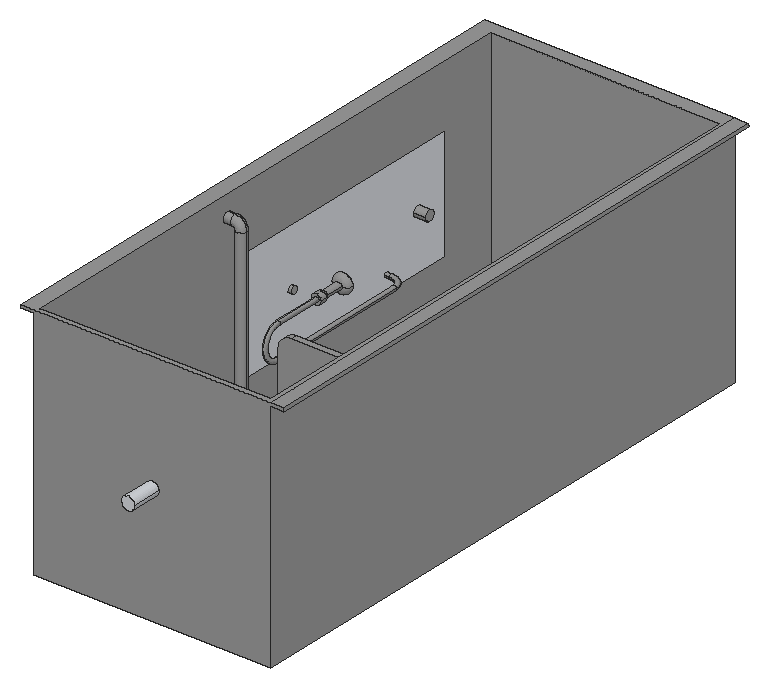
Revit family "Shower_Cabinet-Willoughby-US-3636-HC-FA-L", category Plumbing Fixtures, Revit 2015
Parameters (values of type "Standard")
  Waste Radius = Waste DIA / 2  # 1"
  Waste DIA = 2"
  Waste Connection = yes
  Vent Connection = no
  URL = "https://www.willoughby-ind.com/wp-content/uploads/2018/07/US-3636-HC-FA.pdf"
  Stainless Steel = Stainless Steel AISI 304-Willoughby
  Seat Height = 1' - 6"
  Revision = "A"
  Model = "US-3636-HC-FA-L"
  Manufacturer = "Willoughby Industries"
  HW Connection = no
  HCW Inlet RAD = HCW Inlet DIA / 2  # 1/4"
  HCW Inlet DIA = 1/2"
  HCW Connection = yes
  Grab Bar Height = 3' - 0"
  FRAME DIM = 3' - 0"
  Description = "US 36\" X 36\" Handicap Cabinet Shower Front Access, Left hand"
  Default Elevation = 0' - 0"
  Contact info = "(800) 428-4065"
  CW Connection = no
Reference planes (in)
  plane 1 "Center (Front/Back)": y = 0
  plane 2: z = 0
  plane 3 "Center (Left/Right)": x = 0
  plane 4: y = 88
  plane 5: x = -18
  plane 6: x = 18
  plane 7: z = 36
  plane 8: z = 18
  plane 9 "Seat Height": y = 18
  plane 10 "Grab Bar Height": y = 36
  plane 11: y = 48
  plane 12: y = 72
  plane 13 "Hand Held Shower Hose Connect": z = 12
  plane 14 "Hnd Hld Shwr Hse Conct": y = 66
  plane 15: x = -14.5
  plane 16: z = 17
Forms (in)
  Extrusion 1, solid, material "Stainless Steel AISI 304-Willoughby" <- "Stainless Steel"
    sketch origin (0, 0, 0) x (1, 0, 0) y (0, 0, 1)
      loop
        line (-18, 0) -> (18, 0) -> (18, 35.5) -> (20, 35.5) -> (20, 36) -> (18, 36) -> (-20, 36) -> (-20, 35.5) -> (-18, 35.5) -> (-18, 0)
    from 0 to -88
  Extrusion 2, void, detail levels fine
    sketch origin (0, 0, 0) x (1, 0, 0) y (0, 0, 1)
      loop
        line (17.5, 0.5) -> (17.5, 36) -> (-17.5, 36) -> (-17.5, 0.5) -> (17.5, 0.5)
    from -0.63588 to -86
  Extrusion 3, void, detail levels fine
    sketch origin (0.89838, -8.36412, 3.72188) x (1, 0, 0) y (0, 0, 1)
      loop
        circle (-0.89838, 14.27812) r 2
    from -8.8875 to -9
  Extrusion 4, solid, material "Stainless Steel AISI 304-Willoughby" <- "Stainless Steel"
    sketch origin (0, 0, 0) x (1, 0, 0) y (0, 0, 1)
      loop
        arc (5.5, 16.5) -> (4.91421, 15.08579) -> (3.5, 14.5) r 2
        line (3.5, 14.5) -> (0.5, 14.5)
        arc (0.5, 14.5) -> (-0.91421, 13.91421) -> (-1.5, 12.5) r 2
        line (-1.5, 12.5) -> (-1.5, 0.5) -> (17.5, 0.5) -> (17.5, 33.5) -> (7.5, 33.5)
        arc (7.5, 33.5) -> (6.08579, 32.91421) -> (5.5, 31.5) r 2
        line (5.5, 31.5) -> (5.5, 16.5)
    from -18 to -17
  Extrusion 5, solid
    sketch origin (0, 0, 0) x (1, 0, 0) y (0, 0, 1)
      loop
        circle (0, 18) r 1
    from 0 to 4.5
  Sweep 6, solid, material "Stainless Steel AISI 304-Willoughby" <- "Stainless Steel", detail levels medium+fine
    path origin (0, 42.09078, 0) x (1, 0, 0) y (0, 0, 1)
      loop
        line (0, 0.5) -> (0, 1.75)
        arc (0, 1.75) -> (-0.29289, 2.45711) -> (-1, 2.75) r 1
        line (-1, 2.75) -> (-13.25, 2.75)
        arc (-13.25, 2.75) -> (-14.66421, 3.33579) -> (-15.25, 4.75) r 2
        line (-15.25, 4.75) -> (-15.25, 32)
        arc (-15.25, 32) -> (-15.54289, 32.70711) -> (-16.25, 33) r 1
        line (-16.25, 33) -> (-17.5, 33)
    profile origin (0, 42.09078, 1.125) x (-1, 0, 0) y (0, -1, 0)
      loop
        circle (0, 6.09078) r 0.75
  Extrusion 7, solid, material "Stainless Steel AISI 304-Willoughby" <- "Stainless Steel", detail levels medium+fine
    sketch origin (-4, 0, 27.77891) x (0, 0, 1) y (0, 1, 0)
      loop
        circle (-9.77891, 48) r 0.5
    from 12.8213 to 14
  Extrusion 8, solid, material "Stainless Steel AISI 304-Willoughby" <- "Stainless Steel", detail levels medium+fine
    sketch origin (0, 0, 0) x (0, 1, 0) y (0, 0, 1)
      loop
        circle (72, 18) r 0.75
    from -17.5 to -15.52072
  Sweep 9, solid, material "Stainless Steel AISI 304-Willoughby" <- "Stainless Steel", detail levels fine
    path origin (65.34541, 0, 12) x (1, 0, 0) y (0, 1, 0)
      loop
        line (-82.84541, 66) -> (-81.84541, 66)
        arc (-81.84541, 66) -> (-80.4312, 65.41421) -> (-79.84541, 64) r 2
        line (-79.84541, 64) -> (-79.84541, 42)
    profile origin (-17, 66, 12) x (0, 1, 0) y (0, 0, 1)
      loop
        circle (0, 0) r 0.3125
  Sweep 10, solid, material "Stainless Steel AISI 304-Willoughby" <- "Stainless Steel", detail levels fine
    path origin (-14.5, 0, 102.71882) x (0, 0, 1) y (0, 1, 0)
      loop
        arc (-90.71882, 42) -> (-88.21882, 39.5) -> (-85.71882, 42) r 2.5
        line (-85.71882, 42) -> (-85.71882, 49.25)
    profile origin (-14.5, 39.5, 14.5) x (0, 1, 0) y (-1, 0, 0)
      loop
        circle (0, 0) r 0.3125
  Revolve 11, solid, material "Stainless Steel AISI 304-Willoughby" <- "Stainless Steel", detail levels fine
    sketch origin (0, 0, 17) x (1, 0, 0) y (0, 1, 0)
      loop
        line (-14.5, 49.25) -> (-13.75, 49.25) -> (-13.75, 50.25) -> (-14, 50.68301) -> (-14, 53.43301)
        arc (-14, 53.43301) -> (-13.3576, 53.6991) -> (-13.09151, 54.34151) r 0.90849
        line (-13.09151, 54.34151) -> (-14, 55.25) -> (-14.5, 55.25) -> (-14.5, 49.25)
      axis (-14.5, 49.25) -> (-14.5, 55.25)
    angle from 0 to 360
  Extrusion 12, solid
    sketch origin (0, 0, 0) x (1, 0, 0) y (0, 0, 1)
      loop
        line (-17.5, 26.5) -> (-17.5, 9.5) -> (-17.4375, 9.5) -> (-17.4375, 26.5) -> (-17.5, 26.5)
    from -40 to -77
Cuts and joins
  Extrusion 2, Extrusion 3 cuts Extrusion 1
  joined: Sweep 9, Sweep 10, Revolve 11
Lines and regions (in)
  symbolic lines
    curve 1: line (20, 0, 0) -> (20, 88, 0)
    curve 2: line (20, 88, 0) -> (-20, 88, 0)
    curve 3: line (-20, 88, 0) -> (-20, 0, 0)
    curve 4: line (-20, 0, 0) -> (20, 0, 0)
    curve 39: line (-14, 50.68301, 0) -> (-13.75, 50.25, 0)
    curve 48: line (20, 0, 36) -> (-20, 0, 36)
    curve 49: line (-20, 0, 36) -> (-20, 0, 35.5)
    curve 50: line (-20, 0, 35.5) -> (-18, 0, 35.5)
    curve 51: line (-18, 0, 35.5) -> (-18, 0, 0)
    curve 52: line (-18, 0, 0) -> (18, 0, 0)
    curve 53: line (18, 0, 0) -> (18, 0, 35.5)
    curve 54: line (18, 0, 35.5) -> (20, 0, 35.5)
    curve 55: line (20, 0, 35.5) -> (20, 0, 36)
    curve 56: line (0, 88, 0) -> (0, 88, 36)
    curve 57: line (0, 88, 36) -> (0, 0, 36)
    curve 58: line (0, 0, 36) -> (0, 0, 0)
    curve 59: line (0, 0, 0) -> (0, 88, 0)
    curve 60: line (0, 0, 19) -> (0, -4.5, 19)
    curve 61: line (0, -4.5, 19) -> (0, -4.5, 17)
    curve 62: line (0, -4.5, 17) -> (0, 0, 17)
  symbolic lines, detail levels medium+fine
    curve 5: line (-17.5, 86, 0) -> (17.5, 86, 0)
    curve 6: line (17.5, 86, 0) -> (17.5, 0.63588, 0)
    curve 7: line (17.5, 0.63588, 0) -> (-17.5, 0.63588, 0)
    curve 8: line (-17.5, 0.63588, 0) -> (-17.5, 86, 0)
    curve 9: line (18, 88, 0) -> (18, 0, 0)
    curve 10: line (-18, 0, 0) -> (-18, 88, 0)
    curve 11: line (-17.5, 72.75, 0) -> (-15.52072, 72.75, 0)
    curve 12: line (-15.52072, 72.75, 0) -> (-15.52072, 71.25, 0)
    curve 13: line (-15.52072, 71.25, 0) -> (-17.5, 71.25, 0)
    curve 19: line (17.5, 18, 0) -> (-1.5, 18, 0)
    curve 20: line (-1.5, 18, 0) -> (-1.5, 17, 0)
    curve 21: line (-1.5, 17, 0) -> (17.5, 17, 0)
    curve 22: line (5.5, 18, 0) -> (5.5, 17, 0)
  symbolic lines, detail levels fine
    curve 14: line (-17.5, 36.75, 0) -> (0, 36.75, 0)
    curve 15: line (-17.5, 35.25, 0) -> (0, 35.25, 0)
    curve 16: arc (0, 36.75, 0) -> (0.75, 36, 0) -> (0, 35.25, 0) r 0.75
    curve 17: arc (-15.25, 36.75, 0) -> (-14.5, 36, 0) -> (-15.25, 35.25, 0) r 0.75
    curve 18: arc (-15.25, 36.75, 0) -> (-16, 36, 0) -> (-15.25, 35.25, 0) r 0.75
    curve 23: line (-17.5, 66.31338, 0) -> (-16.44298, 66.31338, 0)
    curve 24: line (-17.5, 65.68513, 0) -> (-16.44298, 65.68513, 0)
    curve 25: arc (-16.44298, 66.31338, 0) -> (-14.8369, 65.60534, 0) -> (-14.18534, 63.97553, 0) r 2.32174
    curve 26: arc (-16.44298, 65.68513, 0) -> (-15.28963, 65.17758, 0) -> (-14.81284, 64.01117, 0) r 1.68137
    curve 27: line (-14.81284, 64.01117, 0) -> (-14.81284, 55.25, 0)
    curve 28: line (-14.18534, 63.97553, 0) -> (-14.18534, 55.25, 0)
    curve 29: line (-15, 55.25, 0) -> (-14, 55.25, 0)
    curve 30: line (-14, 55.25, 0) -> (-13.09151, 54.34151, 0)
    curve 31: line (-13.09151, 54.34151, 0) -> (-15.90849, 54.34151, 0)
    curve 32: line (-15.90849, 54.34151, 0) -> (-15, 55.25, 0)
    curve 33: line (-15, 53.43301, 0) -> (-14, 53.43301, 0)
    curve 34: line (-14, 53.43301, 0) -> (-14, 50.68301, 0)
    curve 35: line (-14, 50.68301, 0) -> (-15, 50.68301, 0)
    curve 36: line (-15, 50.68301, 0) -> (-15, 53.43301, 0)
    curve 37: arc (-15.90849, 54.34151, 0) -> (-15.6424, 53.6991, 0) -> (-15, 53.43301, 0) r 0.90849
    curve 38: arc (-14, 53.43301, 0) -> (-13.3576, 53.6991, 0) -> (-13.09151, 54.34151, 0) r 0.90849
    curve 40: line (-13.75, 50.25, 0) -> (-13.75, 49.25, 0)
    curve 41: line (-13.75, 49.25, 0) -> (-15.25, 49.25, 0)
    curve 42: line (-15.25, 49.25, 0) -> (-15.25, 50.25, 0)
    curve 43: line (-15.25, 50.25, 0) -> (-13.75, 50.25, 0)
    curve 44: line (-15.25, 50.25, 0) -> (-15, 50.68301, 0)
    curve 45: line (-14.18878, 49.25, 0) -> (-14.18878, 39.5, 0)
    curve 46: line (-14.81975, 39.5, 0) -> (-14.81975, 49.25, 0)
    curve 47: arc (-14.18878, 39.5, 0) -> (-14.50426, 39.18452, 0) -> (-14.81975, 39.5, 0) r 0.31548
Dimensions and locks (in)
  locked: plane 3 "Center (Left/Right)" to plane 5 at 18
  locked: plane 6 to plane 3 "Center (Left/Right)" at 18
  plane 4 to cut or joined group of Extrusion 1, Extrusion 2, Extrusion 3 = 0' - 2"
  cut or joined group of Extrusion 1, Extrusion 2, Extrusion 3 to plane 6 = 0' - 0 1/2"
  locked: level to plane 8 at 18
  "Seat Height": plane 9 "Seat Height" to plane 1 "Center (Front/Back)"
  locked: plane 9 "Seat Height" to Extrusion 4 at 1
  locked: plane 1 "Center (Front/Back)" to Extrusion 5 at 4.5
  "Grab Bar Height": plane 10 "Grab Bar Height" to plane 1 "Center (Front/Back)"
  locked: cut or joined group of Extrusion 1, Extrusion 2, Extrusion 3 to level at 0.5
  locked: plane 1 "Center (Front/Back)" to plane 11 at 48
  locked: plane 11 to plane 1 "Center (Front/Back)" at 48
  locked: plane 12 to plane 1 "Center (Front/Back)" at 72
  plane 5 to plane 6 = 3' - 0"
  plane 7 to level = 3' - 0"
  plane 3 "Center (Left/Right)" to plane 6 = 1' - 6"
  aligned and locked: Extrusion 1 to plane 4
  aligned: plane 5 to Extrusion 1
  aligned and locked: Extrusion 1 to plane 6
  aligned and locked: plane 7 to Extrusion 1
  aligned and locked: plane 8 to Extrusion 3 sketch curve
  aligned and locked: plane 3 "Center (Left/Right)" to Extrusion 3 sketch curve
  aligned and locked: Extrusion 4 to plane 9 "Seat Height"
  aligned and locked: plane 8 to Extrusion 5 sketch curve
  aligned and locked: plane 3 "Center (Left/Right)" to Extrusion 5 sketch curve
  aligned: plane 10 "Grab Bar Height" to Sweep 6
  aligned and locked: plane 10 "Grab Bar Height" to Sweep 6 sketch curve
  aligned and locked: plane 8 to Extrusion 8 sketch curve
  aligned and locked: plane 12 to Extrusion 8 sketch curve
  aligned and locked: cut or joined group of Extrusion 1, Extrusion 2, Extrusion 3 to cut or joined group of Extrusion 1, Extrusion 2, Extrusion 3  (x6)
  aligned and locked: level to cut or joined group of Extrusion 1, Extrusion 2, Extrusion 3
  aligned and locked: cut or joined group of Extrusion 1, Extrusion 2, Extrusion 3 to Extrusion 4
  aligned and locked: Extrusion 4 to cut or joined group of Extrusion 1, Extrusion 2, Extrusion 3
  aligned and locked: Sweep 10 to Revolve 11 sketch curve
  aligned and locked: Revolve 11 sketch curve to Sweep 10
Automatic sketch dimensions
  Extrusion 1 sketch curve to plane 7 = 0' - 0"
  plane 5 to Extrusion 1 sketch curve = 0' - 0"
  plane 6 to Extrusion 1 sketch curve = 0' - 0"  (x2)
  Extrusion 1 sketch curve to level = 0' - 0"
  Extrusion 1 sketch curve to plane 7 = 0' - 0 1/2"  (x2)
  Extrusion 1 sketch curve to Extrusion 1 sketch curve = 0' - 2"
  Extrusion 1 sketch curve to plane 6 = 0' - 2"
  Extrusion 2 sketch curve to plane 7 = 0' - 0"
  Extrusion 2 sketch curve to plane 5 = 0' - 0 1/2"
  plane 6 to Extrusion 2 sketch curve = 0' - 0 1/2"
  level to Extrusion 2 sketch curve = 0' - 0 1/2"
  level to Extrusion 4 sketch curve = 0' - 0 1/2"
  Extrusion 4 sketch curve to plane 3 "Center (Left/Right)" = 0' - 1 1/2"
  plane 3 "Center (Left/Right)" to Extrusion 4 sketch curve = 0' - 0 1/2"
  Extrusion 4 sketch curve to Extrusion 4 sketch curve = 0' - 3"
  Extrusion 4 sketch curve to plane 8 = 0' - 1 1/2"
  Extrusion 4 sketch curve to Extrusion 4 sketch curve = 0' - 2"  (x2)
  plane 6 to Extrusion 4 sketch curve = 0' - 0 1/2"
  Extrusion 4 sketch curve to plane 7 = 0' - 4 1/2"
  Sweep 6 sketch curve to plane 3 "Center (Left/Right)" = 0' - 0"
  Sweep 6 sketch curve to Sweep 6 sketch curve = 0' - 1"  (x2)
  Sweep 6 sketch curve to plane 5 = 0' - 4 3/4"
  Sweep 6 sketch curve to Sweep 6 sketch curve = 0' - 2"
  Sweep 6 sketch curve to plane 5 = 0' - 0 1/2"
  level to Sweep 6 sketch curve = 0' - 0 1/2"
  Sweep 6 sketch curve to Sweep 6 sketch curve = 0' - 1 1/4"
  Sweep 6 sketch curve to plane 7 = 0' - 4"
  Sweep 6 sketch curve to profile plane = 0' - 0"
  Extrusion 7 sketch curve to plane 11 = 0' - 0"
  plane 8 to Extrusion 7 sketch curve = 0' - 0"
  level to Sweep 9 sketch curve = 1' - 0"
  Sweep 9 sketch curve to profile plane = 0' - 0"
  plane 14 "Hnd Hld Shwr Hse Conct" to Sweep 9 sketch curve = 0' - 0"
  Sweep 9 sketch curve to plane 5 = 0' - 0 1/2"
  Sweep 9 sketch curve to plane 5 = 0' - 1 1/2"
  Sweep 9 sketch curve to Sweep 9 sketch curve = 0' - 2"
  plane 10 "Grab Bar Height" to Sweep 9 sketch curve = 0' - 6"
  Sweep 10 sketch curve to plane 13 "Hand Held Shower Hose Connect" = 0' - 0"
  Sweep 10 sketch curve to Sweep 10 sketch curve = 0' - 2 1/2"
  plane 10 "Grab Bar Height" to Sweep 10 sketch curve = 0' - 6"
  Sweep 10 sketch curve to plane 11 = 0' - 1 1/4"
  Sweep 10 sketch curve to plane 15 = 0' - 0"
  profile plane to Sweep 10 sketch curve = 0' - 0"
  Revolve 11 sketch curve to plane 15 = 0' - 0"
  Revolve 11 sketch curve to plane 15 = 0' - 0 1/2"  (x2)
  Revolve 11 sketch curve to Revolve 11 sketch curve = 0' - 0 1/4"
  Revolve 11 sketch curve to Revolve 11 sketch curve = 0' - 0.90849"  (x2)
  Revolve 11 sketch curve to Revolve 11 sketch curve = 0' - 0"  (x2)
  Revolve 11 sketch curve to Revolve 11 sketch curve = 0' - 1"
  Revolve 11 sketch curve to Revolve 11 sketch curve = 0' - 0.43301"
  Revolve 11 sketch curve to Revolve 11 sketch curve = 0' - 2 3/4"
  curve 17 to curve 18 = 0' - 0"
  plane 4 to curve 3 = 0' - 0"
  plane 1 "Center (Front/Back)" to curve 3 = 0' - 0"
  curve 10 to plane 5 = 0' - 0"
  curve 17 to plane 10 "Grab Bar Height" = 0' - 0"
  plane 9 "Seat Height" to curve 19 = 0' - 0"
  curve 16 to plane 3 "Center (Left/Right)" = 0' - 0"
  curve 9 to plane 6 = 0' - 0"
  curve 4 to curve 10 = 0' - 2"
  curve 5 to plane 5 = 0' - 0 1/2"
  curve 25 to plane 5 = 0' - 1.49298"
  curve 25 to curve 26 = 0' - 0.01281"
  plane 14 "Hnd Hld Shwr Hse Conct" to curve 24 = 0' - 0.31487"
  curve 24 to curve 24 = 0' - 1.05702"
  curve 23 to plane 14 "Hnd Hld Shwr Hse Conct" = 0' - 0.31338"
  curve 23 to curve 24 = 0' - 0"
  plane 15 to curve 31 = 0' - 1.40849"
  plane 15 to curve 12 = 0' - 1.02072"
  plane 15 to curve 42 = 0' - 0 3/4"
  plane 15 to curve 17 = 0' - 0 3/4"
  plane 15 to curve 32 = 0' - 0 1/2"
  plane 15 to curve 33 = 0' - 0 1/2"
  plane 15 to curve 27 = 0' - 0.31284"
  plane 15 to curve 47 = 0' - 0.00426"
  curve 28 to plane 15 = 0' - 0.31466"
  curve 28 to curve 29 = 0' - 0.18534"
  curve 34 to plane 15 = 0' - 0 1/2"
  curve 34 to curve 39 = 0' - 0 1/4"
  curve 20 to plane 3 "Center (Left/Right)" = 0' - 1 1/2"
  plane 6 to curve 6 = 0' - 0 1/2"
  curve 2 to plane 6 = 0' - 2"
  curve 8 to plane 1 "Center (Front/Back)" = 0' - 0.63588"
  curve 20 to curve 19 = 0' - 1"
  curve 15 to curve 16 = 0' - 0 3/4"
  curve 18 to curve 47 = 0' - 2 3/4"
  curve 40 to plane 11 = 0' - 1 1/4"
  curve 41 to curve 42 = 0' - 1"
  curve 42 to curve 44 = 0' - 0.43301"
  curve 35 to curve 36 = 0' - 2 3/4"
  curve 38 to curve 29 = 0' - 0.90849"
  plane 14 "Hnd Hld Shwr Hse Conct" to curve 28 = 0' - 2.02447"
  curve 25 to curve 26 = 0' - 0.01201"
  plane 12 to curve 13 = 0' - 0 3/4"
  curve 11 to plane 12 = 0' - 0 3/4"
  plane 4 to curve 5 = 0' - 2"
  curve 45 to plane 15 = 0' - 0.31122"
  plane 3 "Center (Left/Right)" to curve 22 = 0' - 5 1/2"
  curve 52 to level = 0' - 0"
  plane 5 to curve 52 = 0' - 0"
  plane 6 to curve 52 = 0' - 0"
  curve 55 to plane 7 = 0' - 0"
  curve 50 to plane 7 = 0' - 0 1/2"
  curve 50 to curve 50 = 0' - 2"
  curve 54 to plane 7 = 0' - 0 1/2"
  curve 48 to plane 6 = 0' - 2"
  curve 62 to plane 16 = 0' - 0"
  curve 58 to level = 0' - 0"
  curve 62 to plane 1 "Center (Front/Back)" = 0' - 0"
  curve 56 to plane 4 = 0' - 0"
  curve 57 to plane 7 = 0' - 0"
  plane 8 to curve 60 = 0' - 1"
  curve 60 to curve 60 = 0' - 4 1/2"
  plane 8 to Extrusion 12 sketch curve = 0' - 8 1/2"
  Extrusion 12 sketch curve to plane 13 "Hand Held Shower Hose Connect" = 0' - 2 1/2"
  Extrusion 12 sketch curve to plane 5 = 0' - 0 1/2"
  Extrusion 12 sketch curve to Extrusion 12 sketch curve = 0' - 0 1/16"
  radius of Extrusion 3 sketch curve = 0' - 2"
  radius of Extrusion 5 sketch curve = 0' - 1"
  radius of Sweep 6 sketch curve = 0' - 0 3/4"
  radius of Extrusion 7 sketch curve = 0' - 0 1/2"
  radius of Extrusion 8 sketch curve = 0' - 0 3/4"
  radius of Sweep 9 sketch curve = 0' - 0 5/16"
  radius of Sweep 10 sketch curve = 0' - 0 5/16"
Connectors (in)
  piping at (0, -4.5, 18), diameter 2, driven by "Waste Connection", driven by "Waste Radius"
    settings: on Extrusion 5, index 1, connector inside diameter 2", connector length 0' - 0", flow factor 0, pipe flow 0 GPM, pressure drop 0.00 psi, fitting loss kfactor 0, connector angle 0.00°, fixture units 0, engagement length 0' - 0", angle of deflection 0.00°, flow configuration 0, flow direction 2, fitting loss method 0, system type 16, joint type 0, gender type 0, connector reference index -1, connector utility 1, adjustable connector yes, is connector primary yes, connector description "Shower Drain"
  piping at (-18, 48, 18), diameter 0.5, driven by "HCW Inlet RAD"
    settings: on Extrusion 7, index 2, connector inside diameter 1", connector length 0' - 0", flow factor 0, pipe flow 0 GPM, pressure drop 0.00 psi, fitting loss kfactor 0, connector angle 0.00°, fixture units 0, engagement length 0' - 0", angle of deflection 0.00°, flow configuration 0, flow direction 1, fitting loss method 0, system type 7, joint type 0, gender type 0, connector reference index -1, connector utility 1, adjustable connector no, is connector primary no, connector description "Cold & Hot Water Inlet"
